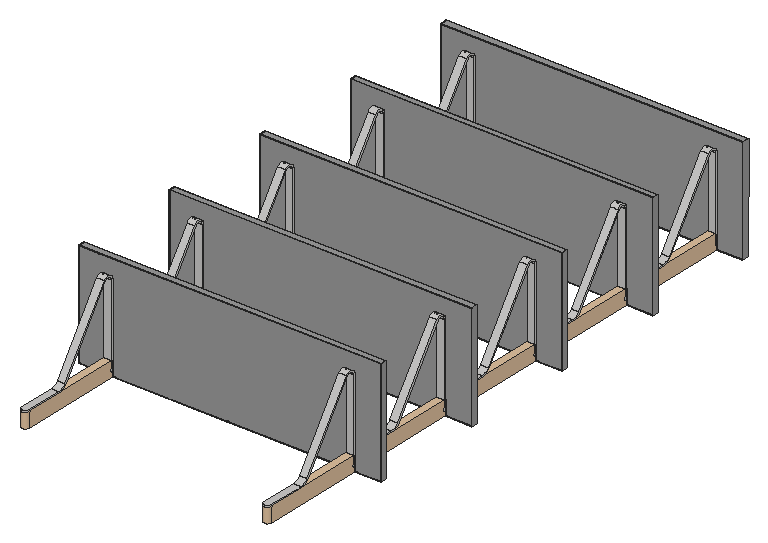
Revit family "Artek_Shelving_Kaari Wall Shelf_Kaari REB009", category Furniture, host Face, Revit 2017 (continued)
Definition of nested family "kaari_shelf_reb009"
  Automatic sketch dimensions
    curve 183 to curve 184 = 17.207 mm
    curve 65 to curve 24 = 0.23 mm
    curve 57 to curve 31 = 0.23 mm
    curve 48 to curve 37 = 0.23 mm
    curve 213 to curve 199 = 0.23 mm
    curve 197 to curve 183 = 0.23 mm
    curve 52 to curve 36 = 235 mm
    curve 192 to curve 188 = 235 mm
    curve 208 to curve 204 = 235 mm
    curve 63 to curve 29 = 235 mm
    curve 43 to curve 43 = 261.231 mm
    curve 27 to curve 63 = 0.129 mm
    curve 201 to curve 208 = 0.129 mm  (x2)
    curve 185 to curve 192 = 0.129 mm
    curve 33 to curve 52 = 0.129 mm  (x2)
    curve 42 to curve 43 = 0.129 mm
    curve 45 to curve 39 = 8.475 mm
    curve 53 to curve 33 = 8.475 mm
    curve 209 to curve 201 = 8.475 mm
    curve 64 to curve 26 = 8.475 mm
    curve 193 to curve 185 = 8.475 mm
    curve 38 to curve 45 = 1.826 mm
    curve 32 to curve 53 = 1.826 mm
    curve 25 to curve 64 = 1.826 mm
    curve 184 to curve 192 = 1.826 mm
    curve 200 to curve 209 = 1.826 mm
    curve 28 to curve 27 = 61.871 mm
    curve 34 to curve 33 = 51.57 mm
    curve 40 to curve 38 = 51.57 mm
    curve 186 to curve 184 = 51.57 mm
    curve 202 to curve 200 = 51.57 mm
    level to curve 65 = 137.74 mm
    curve 65 to curve 24 = 0.12 mm
    curve 24 to curve 64 = 2.526 mm
    curve 64 to curve 25 = 160.369 mm
    curve 25 to curve 64 = 2.383 mm
    curve 63 to curve 63 = 12.287 mm
    curve 63 to curve 26 = 0.041 mm
    curve 61 to curve 62 = 7.586 mm
    curve 61 to curve 60 = 4.594 mm
    curve 62 to curve 62 = 1.507 mm
    curve 66 to curve 29 = 24.992 mm
    curve 29 to curve 57 = 131.74 mm
    curve 57 to curve 31 = 0.12 mm
    curve 31 to curve 53 = 2.526 mm
    curve 53 to curve 32 = 160.369 mm
    curve 33 to curve 53 = 2.383 mm
    curve 52 to curve 52 = 12.287 mm
    curve 52 to curve 33 = 0.041 mm
    curve 54 to curve 55 = 7.586 mm
    curve 54 to curve 51 = 4.594 mm
    curve 55 to curve 55 = 1.507 mm
    curve 56 to curve 49 = 24.992 mm
    curve 36 to curve 197 = 131.758 mm
    curve 197 to curve 183 = 0.12 mm
    curve 183 to curve 193 = 2.526 mm
    curve 197 to curve 184 = 160.369 mm
    curve 184 to curve 193 = 2.383 mm
    curve 193 to curve 192 = 12.287 mm
    curve 192 to curve 185 = 0.041 mm
    curve 194 to curve 195 = 7.586 mm
    curve 194 to curve 191 = 4.594 mm
    curve 195 to curve 195 = 1.507 mm
    curve 196 to curve 188 = 24.992 mm
    curve 188 to curve 213 = 131.74 mm
    curve 213 to curve 199 = 0.12 mm
    curve 199 to curve 209 = 2.526 mm
    curve 209 to curve 200 = 160.369 mm
    curve 200 to curve 209 = 2.383 mm
    curve 208 to curve 208 = 12.287 mm
    curve 208 to curve 201 = 0.041 mm
    curve 210 to curve 211 = 7.586 mm
    curve 210 to curve 207 = 4.594 mm
    curve 211 to curve 211 = 1.507 mm
    curve 212 to curve 205 = 24.992 mm
    curve 204 to curve 48 = 131.722 mm
    curve 48 to curve 37 = 0.12 mm
    curve 37 to curve 45 = 2.526 mm
    curve 48 to curve 38 = 160.369 mm
    curve 38 to curve 45 = 2.383 mm
    curve 44 to curve 44 = 12.287 mm
    curve 44 to curve 39 = 0.041 mm
    curve 46 to curve 43 = 4.641 mm
    curve 47 to curve 47 = 1.5 mm
    curve 42 to curve 21 = 22 mm
    curve 47 to curve 47 = 4.005 mm
    curve 62 to curve 62 = 3.939 mm
    curve 211 to curve 211 = 3.939 mm
    curve 55 to curve 55 = 3.939 mm
    curve 195 to curve 195 = 3.939 mm
    curve 204 to curve 215 = 3 mm
    curve 26 to curve 63 = 0.129 mm
    curve 51 to curve 52 = 0 mm
    curve 207 to curve 208 = 0 mm
    curve 185 to curve 191 = 0.129 mm
    curve 192 to curve 191 = 0 mm
    curve 60 to curve 63 = 0 mm
    plane 1 "Center (Front/Back)" to curve 76 = 0 mm
    curve 77 to plane 3 "Center (Left/Right)" = 500 mm
    plane 3 "Center (Left/Right)" to curve 77 = 500 mm
    plane 1 "Center (Front/Back)" to curve 78 = 350 mm
    plane 1 "Center (Front/Back)" to Extrusion 30 sketch curve = 0 mm
    Extrusion 30 sketch curve to plane 3 "Center (Left/Right)" = 500 mm
    plane 3 "Center (Left/Right)" to Extrusion 30 sketch curve = 500 mm
    plane 1 "Center (Front/Back)" to Extrusion 30 sketch curve = 350 mm
    curve 1 to plane 3 "Center (Left/Right)" = 0 mm
    curve 155 to plane 3 "Center (Left/Right)" = 0 mm
    curve 126 to plane 3 "Center (Left/Right)" = 0 mm
    curve 140 to plane 3 "Center (Left/Right)" = 0 mm
    curve 119 to plane 3 "Center (Left/Right)" = 0 mm
    curve 16 to plane 3 "Center (Left/Right)" = 0 mm
    curve 176 to plane 3 "Center (Left/Right)" = 0 mm
    curve 177 to plane 3 "Center (Left/Right)" = 0 mm
    curve 169 to plane 3 "Center (Left/Right)" = 0 mm
    curve 136 to curve 136 = 387.5 mm
    curve 137 to curve 19 = 0 mm
    curve 135 to curve 134 = 0 mm
    curve 18 to curve 123 = 0 mm
    curve 13 to curve 13 = 12.5 mm
    curve 138 to curve 134 = 25 mm
    curve 124 to curve 18 = 25 mm
    curve 8 to curve 125 = 0 mm
    curve 3 to curve 7 = 0 mm
    curve 10 to curve 11 = 87.5 mm
    curve 121 to curve 122 = 87.5 mm
    curve 132 to curve 132 = 87.5 mm
    curve 7 to curve 7 = 87.5 mm
    curve 3 to curve 3 = 87.5 mm
    plane 3 "Center (Left/Right)" to curve 139 = 0 mm
    plane 3 "Center (Left/Right)" to curve 176 = 387.5 mm
    curve 168 to curve 175 = 0 mm
    curve 167 to curve 164 = 0 mm
    curve 217 to curve 180 = 0 mm
    curve 153 to curve 153 = 12.5 mm
    curve 158 to curve 156 = 25 mm
    curve 160 to curve 147 = 0 mm
    curve 179 to curve 151 = 0 mm
    curve 148 to curve 163 = 0 mm
    curve 173 to curve 172 = 87.5 mm
    curve 217 to curve 149 = 87.5 mm
    curve 147 to curve 147 = 87.5 mm
    curve 163 to curve 163 = 87.5 mm
    curve 143 to curve 143 = 87.5 mm
    level to curve 13 = 12.5 mm
    level to curve 152 = 12.5 mm
    curve 153 to curve 159 = 345.5 mm
    curve 10 to curve 10 = 22 mm
    curve 149 to curve 179 = 352 mm
    curve 131 to curve 131 = 22 mm
    curve 168 to curve 168 = 352 mm
    curve 163 to curve 148 = 22 mm
    curve 148 to curve 147 = 352 mm
    curve 16 to curve 155 = 22 mm
    curve 144 to curve 144 = 352 mm
    curve 142 to curve 142 = 22 mm
    curve 123 to curve 128 = 12.5 mm
    curve 3 to curve 17 = 25 mm
    plane 3 "Center (Left/Right)" to curve 164 = 12.5 mm
    curve 157 to curve 143 = 25 mm
